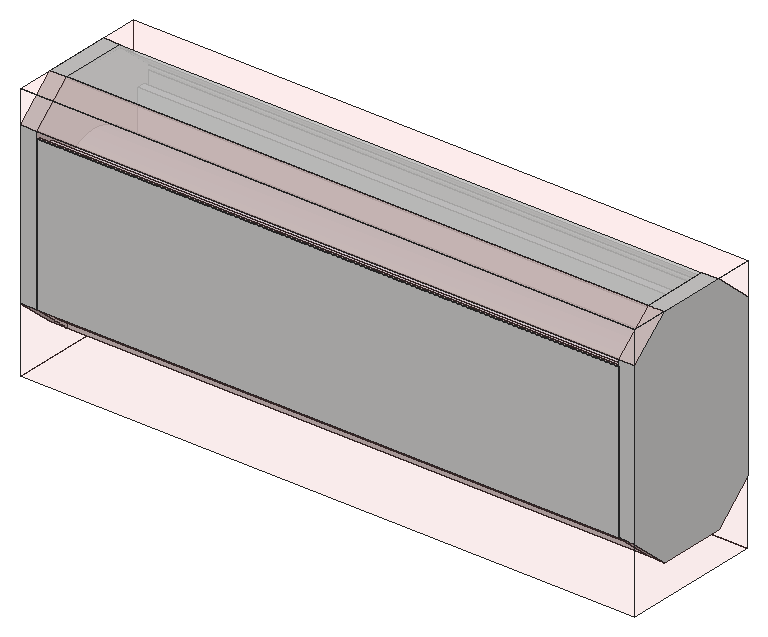
Revit family "Air-Curtain_Customer-Entry_PoweredAire_MP", category Mechanical Equipment, host Face, Revit 2019
Family settings
  Host = Face
  Round Connector Dimension = Use Diameter
  Part Type = Normal
  OmniClass Number = 23.75.35.17.21
  OmniClass Title = Air Curtains
  Cut with Voids When Loaded = No
  Shared = No
  Room Calculation Point = No
Parameters
  Warranty Duration (Years) = 0
  Unit Width Notes = "Other Widths available."  # constant formula
  Unit Width = 3' - 1"
  Unit Weight = 0
  Unit Height = 0' - 8 1/2"
  Unit Depth = 1' - 1 1/2"
  URL = "http://www.poweredaire.com/"
  Test Data = ""
  Standards Conformance = "as Specified"
  Specification = "http://www.arcat.com/sdspecs/htm04/23_34_33pai.htm"
  SpecWizard = ""
  Sound Pressure = "as Specified"
  Sales Information = "http://www.poweredaire.com/contact_us"
  Revision = "R1_2016-08"
  Projection from Host [instance] = 0' - 2"
  Product Properties = ""
  Product Data = "http://www.arcat.com/arcatcos/cos47/arc47623.html"
  Power Rating = 0 W
  Nozzle Width = if(1 = 1, Unit Width - 0' 2", 0' 0")  # 2' - 11"
  Mounting Width = if(1 = 1, Unit Width - 0' 1", 0' 0")  # 3' - 0"
  Mounting Height [instance] = 3' - 6"
  Motor RPM = 0
  Motor HP = 0
  Motor Count = 0
  Model = "As Specified"
  Max Height = 0' - 0"
  Manufacturer Website = "http://www.poweredaire.com/"
  Manufacturer Phone - Toll Free = "888-321-2473"
  Manufacturer Phone = "724-588-3305"
  Manufacturer Fax = "724-588-3371"
  Manufacturer Address = "109 Mortensen Rd.  Greenville, PA 16125"
  Manufacturer = "Powered Aire, Inc"
  Maintenance Schedule (Months) = 0
  Keynote = "23 34 33"
  Installation-Fabrication = ""
  Installation Phase = ""
  Include Clearance [instance] = yes
  Heating Element Load = 0 W
  HVAC_Temperature Rise = 0 °F
  HVAC_Outlet Volume = 0 CFM
  HVAC_Outlet Velocity Uniformity = 0
  HVAC_Outlet Velocity = 0 FPM
  Green Building-LEED = "http://www.arcat.com/green/clients/leed_data_47623.html"
  Front Grating Material [instance] = Metal - Steel - PoweredAire - Stainless 304 Perforated
  Frame Finish [instance] = Metal - Steel - PoweredAire - Stainless 304
  Expected Lifespan (Years) = 0
  Electrical_Wattage [instance] = Power Rating + Heating Element Load  # 0 W
  Electrical_Voltage [instance] = 0 V
  Electrical_Phase [instance] = 1
  Electrical_Frequency [instance] = 0 Hz
  Electrical_Amperage [instance] = 0 A
  Drawn By = "Sumex Design, Inc. / Robert S. Weygant, CSI, CDT, SCIP"
  Description = "Powered Aire Air Curtain as Specified"
  Default Elevation = 0' - 0"  # constant formula
  Copyright = "©Arcat Inc."
  Construction Details = "http://www.arcat.com/details/powair/prod3336.html"
  Clearance_Top [instance] = 0' - 0"
  Clearance_Side B [instance] = 0' - 0"
  Clearance_Side A [instance] = 0' - 0"
  Clearance_Intake [instance] = 0' - 0"
  Clearance_Bottom [instance] = 0' - 0"
  Clearance Material [instance] = ARCAT Clearance
  Building Codes = ""
  Available Options [instance] = "as Specified"
  Assembly Code = "D3090400"
Reference planes (in)
  plane 1 "Center (Elevation)": y = 0.13818
  plane 2: z = 0
  plane 3 "Center (Left/Right)": x = 0
  plane 4: y = 4.38818
  plane 5: y = -4.11182
  plane 6: x = -18.5
  plane 7: x = 18.5
  plane 8: z = 15.5
  plane 9 "FF": y = -41.86182
  plane 10: z = 2
  plane 11: x = 17.5
  plane 12: x = -17.5
  plane 13: y = 4.38818
  plane 14: y = -4.11182
  plane 15: x = -18.5
  plane 16: x = 18.5
  plane 17: z = 15.5
Forms (in)
  Extrusion 1, solid, material "Metal - Steel - PoweredAire - Stainless 304" <- "Frame Finish"
    sketch origin (0, 0, 0) x (0, 1, 0) y (0, 0, 1)
      loop
        line (2.13818, 2) -> (4.38818, 3.94454) -> (4.38818, 13.55546) -> (2.13818, 15.5) -> (-1.86182, 15.5) -> (-4.11182, 13.55546) -> (-4.11182, 3.94454) -> (-1.86182, 2) -> (2.13818, 2)
    from 17.5 to 18.5
  Extrusion 2, solid, material "Metal - Steel - PoweredAire - Stainless 304" <- "Frame Finish"
    sketch origin (0, 0, 0) x (0, 1, 0) y (0, 0, -1)
      loop
        line (2.13818, -2) -> (-1.86182, -2) -> (-4.11182, -3.94454) -> (-4.11182, -13.55546) -> (-1.86182, -15.5) -> (2.13818, -15.5) -> (4.38818, -13.55546) -> (4.38818, -3.94454) -> (2.13818, -2)
    from 17.5 to 18.5
  Extrusion 3, solid, material "Metal - Steel - PoweredAire - Stainless 304" <- "Frame Finish"
    sketch origin (0, 0, 0) x (0, 1, 0) y (0, 0, 1)
      loop
        line (-1.86182, 2) -> (2.13818, 2) -> (4.38818, 3.94454) -> (4.38818, 13.19454) -> (4.26318, 13.19454) -> (4.26318, 3.99632) -> (2.0979, 2.125) -> (-1.73682, 2.125) -> (-1.73682, 4.06954) -> (-3.98682, 4.06954) -> (-3.98682, 13.19454) -> (-4.11182, 13.19454) -> (-4.11182, 3.94454) -> (-1.86182, 3.94454) -> (-1.86182, 2)
      loop
        line (-3.39819, 3.61034) -> (-2.6202, 2.83235) -> (-2.49472, 2.95783) -> (-3.27271, 3.73583) -> (-3.39819, 3.61034)
    from -17.5 to 17.5
  Extrusion 4, solid, material "Metal - Steel - PoweredAire - Stainless 304 Perforated" <- "Front Grating Material"
    sketch origin (0, 0, 0) x (0, 1, 0) y (0, 0, 1)
      loop
        line (-4.11182, 13.19454) -> (-3.98682, 13.19454) -> (-3.98682, 13.50368) -> (-1.82155, 15.375) -> (2.0979, 15.375) -> (4.26318, 13.50368) -> (4.26318, 13.19454) -> (4.38818, 13.19454) -> (4.38818, 13.55546) -> (2.13818, 15.5) -> (-1.86182, 15.5) -> (-4.11182, 13.55546) -> (-4.11182, 13.19454)
    from -17.5 to 17.5
  Extrusion 5, solid, material "ARCAT Clearance" <- "Clearance Material", visible <- "Include Clearance"
    sketch origin (0, 0, 0) x (0, 1, 0) y (0, 0, 1)
      loop
        line (-4.11182, 15.5) -> (-4.11182, 0) -> (4.38818, 0) -> (4.38818, 15.5) -> (-4.11182, 15.5)
    from -18.5 to 18.5
  Extrusion 6, solid
    sketch origin (0, 0, 0) x (0, 1, 0) y (0, 0, 1)
      loop
        line (-3.59559, 12.66567) -> (-3.59559, 4.66567) -> (-3.09559, 4.66567) -> (-3.09559, 12.66567) -> (-3.59559, 12.66567)
      loop
        circle (0.13818, 9.1356) r 2.75
      loop
        line (3.87195, 12.66567) -> (3.37195, 12.66567) -> (3.37195, 4.66567) -> (3.87195, 4.66567) -> (3.87195, 12.66567)
    from -17.5 to 17.5
Dimensions and locks (in)
  equal spacing: plane 4, plane 1 "Center (Elevation)", plane 5
  "Unit Height": plane 4 to plane 5
  equal spacing: plane 6, plane 3 "Center (Left/Right)", plane 7
  "Unit Width": plane 6 to plane 7
  "Mounting Height": plane 1 "Center (Elevation)" to plane 9 "FF"
  "Projection from Host": plane 10 to level
  "Unit Depth": plane 8 to plane 10
  locked: plane 6 to plane 12 at 1
  locked: plane 11 to plane 7 at 1
  "Clearance_Side A": plane 7 to plane 16
  "Clearance_Side B": plane 15 to plane 6
  "Clearance_Top": plane 13 to plane 4
  "Clearance_Bottom": plane 5 to plane 14
  "Clearance_Intake": plane 17 to plane 8
  aligned and locked: plane 2 to host face
  aligned and locked: level to host face
  aligned and locked: plane 7 to Extrusion 1
  aligned and locked: Extrusion 1 to plane 11
  aligned and locked: plane 12 to Extrusion 2
  aligned and locked: Extrusion 2 to plane 6
  aligned and locked: plane 11 to Extrusion 3
  aligned and locked: Extrusion 3 to plane 12
  aligned and locked: plane 11 to Extrusion 4
  aligned and locked: Extrusion 4 to plane 12
  aligned and locked: Extrusion 5 sketch curve to plane 17
  aligned and locked: plane 14 to Extrusion 5 sketch curve
  aligned and locked: level to Extrusion 5 sketch curve
  aligned and locked: Extrusion 5 sketch curve to plane 13
  aligned and locked: plane 16 to Extrusion 5
  aligned and locked: Extrusion 5 to plane 15
  aligned and locked: plane 11 to Extrusion 6
  aligned and locked: Extrusion 6 to plane 12
Automatic sketch dimensions
  host sketch curve to host sketch curve = 8' - 0"  (x2)
  Extrusion 1 sketch curve to plane 5 = 0' - 0"
  Extrusion 1 sketch curve to plane 8 = 0' - 0"
  Extrusion 1 sketch curve to plane 4 = 0' - 0"
  plane 1 "Center (Elevation)" to Extrusion 1 sketch curve = 0' - 2"
  Extrusion 1 sketch curve to plane 1 "Center (Elevation)" = 0' - 2"  (x2)
  plane 10 to Extrusion 1 sketch curve = 0' - 1.94454"  (x2)
  Extrusion 1 sketch curve to plane 8 = 0' - 1.94454"  (x2)
  plane 5 to Extrusion 1 sketch curve = 0' - 2 1/4"
  Extrusion 1 sketch curve to plane 10 = 0' - 0"
  Extrusion 2 sketch curve to plane 5 = 0' - 0"
  Extrusion 2 sketch curve to plane 8 = 0' - 0"
  Extrusion 2 sketch curve to plane 10 = 0' - 0"
  Extrusion 2 sketch curve to plane 4 = 0' - 0"
  plane 1 "Center (Elevation)" to Extrusion 2 sketch curve = 0' - 2"
  Extrusion 2 sketch curve to plane 1 "Center (Elevation)" = 0' - 2"  (x2)
  Extrusion 2 sketch curve to plane 8 = 0' - 1.94454"  (x2)
  plane 10 to Extrusion 2 sketch curve = 0' - 1.94454"  (x2)
  plane 5 to Extrusion 2 sketch curve = 0' - 2 1/4"
  Extrusion 4 sketch curve to plane 5 = 0' - 0"
  Extrusion 4 sketch curve to plane 8 = 0' - 0"
  Extrusion 4 sketch curve to plane 4 = 0' - 0"
  plane 5 to Extrusion 4 sketch curve = 0' - 0 1/8"
  plane 1 "Center (Elevation)" to Extrusion 4 sketch curve = 0' - 2"
  Extrusion 4 sketch curve to Extrusion 4 sketch curve = 0' - 0.04027"  (x2)
  Extrusion 4 sketch curve to Extrusion 4 sketch curve = 0' - 0 1/8"
  Extrusion 4 sketch curve to plane 8 = 0' - 1.94454"  (x2)
  Extrusion 4 sketch curve to Extrusion 4 sketch curve = 0' - 0.05178"  (x2)
  Extrusion 4 sketch curve to Extrusion 4 sketch curve = 0' - 0.30914"  (x2)
  Extrusion 4 sketch curve to plane 8 = 0' - 0 1/8"
  Extrusion 4 sketch curve to plane 1 "Center (Elevation)" = 0' - 1.95973"
  Extrusion 3 sketch curve to plane 5 = 0' - 0"
  Extrusion 3 sketch curve to plane 4 = 0' - 0"
  plane 5 to Extrusion 3 sketch curve = 0' - 0 1/8"
  plane 5 to Extrusion 3 sketch curve = 0' - 0.71363"
  Extrusion 3 sketch curve to Extrusion 3 sketch curve = 0' - 0.12548"  (x2)
  Extrusion 3 sketch curve to Extrusion 3 sketch curve = 0' - 0.778"
  Extrusion 3 sketch curve to Extrusion 3 sketch curve = 0' - 0.63289"
  Extrusion 3 sketch curve to Extrusion 3 sketch curve = 0' - 0 1/8"  (x2)
  Extrusion 3 sketch curve to plane 4 = 0' - 0 1/8"
  plane 10 to Extrusion 3 sketch curve = 0' - 0.83235"
  Extrusion 3 sketch curve to Extrusion 3 sketch curve = 0' - 0.3342"
  plane 10 to Extrusion 3 sketch curve = 0' - 1.94454"
  Extrusion 3 sketch curve to Extrusion 3 sketch curve = 0' - 0.05178"
  Extrusion 3 sketch curve to plane 8 = 0' - 2.30546"  (x2)
  Extrusion 3 sketch curve to plane 1 "Center (Elevation)" = 0' - 2"
  plane 10 to Extrusion 3 sketch curve = 0' - 0 1/8"
  Extrusion 3 sketch curve to Extrusion 3 sketch curve = 0' - 0.04027"
  Extrusion 3 sketch curve to plane 10 = 0' - 0"
  Extrusion 6 sketch curve to plane 1 "Center (Elevation)" = 0' - 0"
  plane 5 to Extrusion 6 sketch curve = 0' - 1.01623"
  Extrusion 6 sketch curve to Extrusion 6 sketch curve = 0' - 0 1/2"  (x2)
  Extrusion 6 sketch curve to plane 4 = 0' - 1.01623"
  plane 10 to Extrusion 6 sketch curve = 0' - 2.66567"  (x2)
  Extrusion 6 sketch curve to Extrusion 6 sketch curve = 0' - 4.46993"
  Extrusion 6 sketch curve to plane 8 = 0' - 2.83433"  (x2)
  radius of Extrusion 6 sketch curve = 0' - 2 3/4"
Connectors (in)
  electrical at (0, 4.38818, 8.56954), driven by "Electrical_Phase", driven by "Electrical_Voltage"
    settings: on Extrusion 3, index 1, voltage 0 V, apparent load 0 VA, apparent load phase1 0 VA, apparent load phase2 0 VA, apparent load phase3 0 VA, power factor 1, load classification "Motor", number of poles 1, system type 31, power factor state 1, is connector primary yes, connector utility no, sub classification motor no, connector description ""
